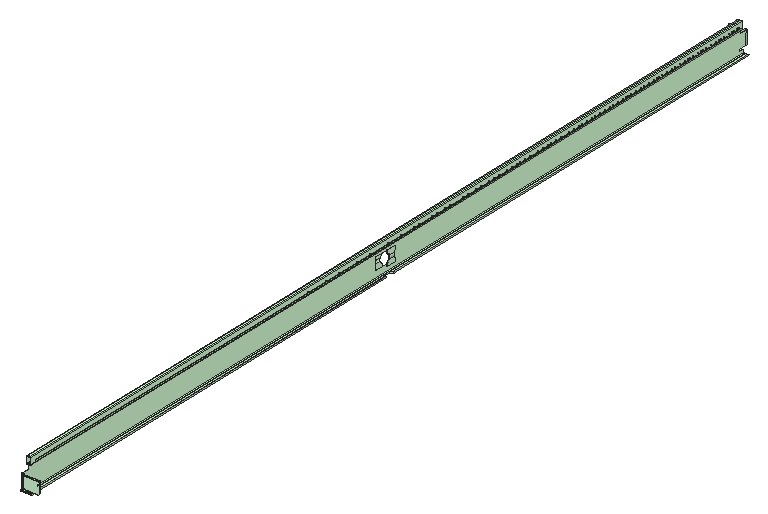
Revit family "eTバー4015メインクロス(600グリッド用)", category 機械設備, Revit 2020
Family settings
  丸型コネクタ寸法 = 直径を使用
  種別 = なし
  パーツ タイプ = 標準
  作業面ベース = いいえ
  常に垂直 = はい
  ロード時にボイドで切り取り = いいえ
  共有 = いいえ
  部屋計算ポイント = いいえ
Parameters
  製造元 = "株式会社桐井製作所"
  既定の高さ = 0 mm
  URL = "https://www.kirii.co.jp/"
  K_長さ(mm) = 1200 mm
  K_材質 = "溶融亜鉛めっき鋼板及び鋼帯SGCC 一般用　カラー鋼板"
  K_品名 = "eTバー4015メインクロス(600グリッド用)"
  K_名称 = "Tバー"
  K_入数 = "40"
  K_バージョン情報 = "20220411"
  K_めっき付着量 = "JIS G 3302 Z12、カラー鋼板　塗装膜厚20μ(白色)"
  K_JIS規格 = "JIS G 3302"
Reference planes
  plane 1 "中心(正面/背面)": y = 0
  plane 2: z = 0
  plane 3 "中心(左/右)": x = 0
  plane 4: y = 1200
Forms (mm)
  Extrusion 1, solid
    sketch origin (0, -1320, 7.1) x (-1, 0, 0) y (0, 0, 1)
      loop
        arc (0.4, 24.899) -> (0.715, 25.363) -> (1.263, 25.242) r 0.5
        arc (1.263, 25.242) -> (1.627, 24.916) -> (2.1, 24.799) r 1.011
        arc (2.1, 24.799) -> (2.736, 25.062) -> (3, 25.699) r 0.9
        line (3, 25.699) -> (3, 33.799)
        arc (3, 33.799) -> (2.473, 34.679) -> (1.448, 34.633) r 1
        line (1.448, 34.633) -> (0, 33.681) -> (-1.448, 34.633)
        arc (-1.448, 34.633) -> (-2.473, 34.679) -> (-3, 33.799) r 1
        line (-3, 33.799) -> (-3, 25.699)
        arc (-3, 25.699) -> (-2.736, 25.062) -> (-2.1, 24.799) r 0.9
        arc (-2.1, 24.799) -> (-1.627, 24.916) -> (-1.263, 25.242) r 1.011
        arc (-1.263, 25.242) -> (-0.715, 25.363) -> (-0.4, 24.899) r 0.5
        line (-0.4, 24.899) -> (-0.4, -5.442)
        arc (-0.4, -5.442) -> (-0.717, -6.207) -> (-1.483, -6.525) r 1.083
        line (-1.483, -6.525) -> (-4, -6.26) -> (-5.807, -6.26) -> (-6.519, -5.891)
        arc (-6.519, -5.891) -> (-7.477, -6.278) -> (-6.85, -7.1) r 0.65
        line (-6.85, -7.1) -> (6.85, -7.1)
        arc (6.85, -7.1) -> (7.477, -6.278) -> (6.519, -5.891) r 0.65
        line (6.519, -5.891) -> (5.807, -6.26) -> (4, -6.26) -> (1.483, -6.525)
        arc (1.483, -6.525) -> (0.717, -6.207) -> (0.4, -5.441) r 1.083
        line (0.4, -5.441) -> (0.4, 24.899)
      loop
        arc (-1.668, 34.298) -> (-2.283, 34.327) -> (-2.6, 33.799) r 0.6
        line (-2.6, 33.799) -> (-2.6, 25.699)
        arc (-2.6, 25.699) -> (-2.302, 25.241) -> (-1.763, 25.329) r 0.5
        line (-1.763, 25.329) -> (-1.063, 25.784)
        arc (-1.063, 25.784) -> (-0.324, 25.59) -> (0, 24.899) r 0.9
        arc (0, 24.899) -> (0.324, 25.59) -> (1.063, 25.784) r 0.9
        line (1.063, 25.784) -> (1.763, 25.329)
        arc (1.763, 25.329) -> (2.302, 25.241) -> (2.6, 25.699) r 0.5
        line (2.6, 25.699) -> (2.6, 33.799)
        arc (2.6, 33.799) -> (2.283, 34.327) -> (1.668, 34.298) r 0.6
        line (1.668, 34.298) -> (0.549, 33.563)
        arc (0.549, 33.563) -> (0, 33.399) -> (-0.549, 33.563) r 1
        line (-0.549, 33.563) -> (-1.668, 34.298)
    from 1320 to 2520
  Extrusion 2, void
    sketch origin (0.4, 300, 31.85) x (0, 0, 1) y (0, 1, 0)
      loop
        line (-5.5, 284.4) -> (-5.5, 315.6) -> (-23.1, 315.6) -> (-23.1, 284.4) -> (-5.5, 284.4)
    from 0 to 0.8
  Extrusion 3, void
    sketch origin (0, 2112.859, 0) x (-1, 0, 0) y (0, -1, 0)
      loop
        line (8.021, 1505.493) -> (8.021, 1520.226) -> (3.318, 1516.682) -> (3.318, 1509.037) -> (8.021, 1505.493)
    from 0 to 8
  Extrusion 4, void
    sketch origin (-0.4, 318.192, 32.162) x (0, 0, 1) y (0, -1, 0)
      loop
        arc (-19.9, -284.4) -> (-14.3, -287.9) -> (-8.7, -284.4) r 6.23
        line (-8.7, -284.4) -> (-19.9, -284.4)
      loop
        arc (-8.7, -297.4) -> (-14.3, -293.9) -> (-19.9, -297.4) r 6.23
        line (-19.9, -297.4) -> (-8.7, -297.4)
    from 1.2 to 3.447
  Extrusion 5, solid
    sketch origin (-0.081, 318.2, -6.51) x (-1, 0, 0) y (0, 0, -1)
      loop
        line (-0.387, -33.66) -> (-0.387, -32.86) -> (-1.476, -32.86) -> (-1.476, -26.291)
        arc (-1.476, -26.291) -> (-2.487, -24.267) -> (-1.487, -22.238) r 2.545
        line (-1.487, -22.238) -> (-1.487, -15.26) -> (-0.387, -15.26) -> (-0.387, -14.46) -> (-2.087, -14.46) -> (-2.088, -21.96)
        arc (-2.088, -21.96) -> (-3.087, -24.26) -> (-2.087, -26.56) r 3.145
        line (-2.087, -26.56) -> (-2.087, -33.66) -> (-0.387, -33.66)
    from -297.4 to -284.4
  Extrusion 6, solid
    sketch origin (0.081, 300, -6.51) x (1, 0, 0) y (0, 0, 1)
      loop
        line (-0.387, 33.66) -> (-2.087, 33.66) -> (-2.087, 26.56)
        arc (-2.087, 26.56) -> (-3.087, 24.26) -> (-2.088, 21.96) r 3.145
        line (-2.088, 21.96) -> (-2.087, 14.46) -> (-0.387, 14.46) -> (-0.387, 15.26) -> (-1.487, 15.26) -> (-1.487, 22.238)
        arc (-1.487, 22.238) -> (-2.487, 24.267) -> (-1.476, 26.291) r 2.545
        line (-1.476, 26.291) -> (-1.476, 32.86) -> (-0.387, 32.86) -> (-0.387, 33.66)
    from -297.4 to -284.4
  Extrusion 7, void
    sketch origin (0.4, 299.992, 32.163) x (0, 0, 1) y (0, 1, 0)
      loop
        line (-19.9, 284.4) -> (-8.7, 284.4)
        arc (-8.7, 284.4) -> (-14.3, 287.9) -> (-19.9, 284.4) r 6.23
      loop
        line (-8.7, 297.4) -> (-19.9, 297.4)
        arc (-19.9, 297.4) -> (-14.3, 293.9) -> (-8.7, 297.4) r 6.23
    from 1.2 to 3.447
  Extrusion 8, void
    sketch origin (0, 2112.859, 0) x (1, 0, 0) y (0, 1, 0)
      loop
        line (8.021, -1505.493) -> (3.318, -1509.037) -> (3.318, -1516.682) -> (8.021, -1520.226) -> (8.021, -1505.493)
    from 0 to 8
  Extrusion 9, void
    sketch origin (0, 0, 0) x (0, 1, 0) y (0, 0, 1)
      loop
        line (5, 41.941) -> (0, 41.941) -> (0, 25.9) -> (5, 25.9) -> (5, 41.941)
    from -3.77 to 3.77
  Extrusion 10, solid
    sketch origin (-0.114, 0, 16.166) x (1, 0, 0) y (0, 1, 0)
      loop
        line (24.214, -7.2) -> (24.214, -6.4) -> (1.714, -6.4)
        arc (1.714, -6.4) -> (0.866, -6.049) -> (0.514, -5.2) r 1.2
        line (0.514, -5.2) -> (0.514, 0) -> (-0.286, 0) -> (-0.286, -5.2)
        arc (-0.286, -5.2) -> (0.3, -6.614) -> (1.714, -7.2) r 2
        line (1.714, -7.2) -> (24.214, -7.2)
    from -8.266 to 9.734
  Extrusion 11, void
    sketch origin (0, 0, -7.234) x (1, 0, 0) y (0, 0, 1)
      loop
        line (2.6, 31.999) -> (23.1, 31.999)
        arc (23.1, 31.999) -> (23.807, 31.706) -> (24.1, 30.999) r 1
        line (24.1, 30.999) -> (24.1, 33.134) -> (2.6, 33.134) -> (2.6, 31.999)
    from 6.4 to 7.2
  Extrusion 12, void
    sketch origin (0, 0, -7.234) x (1, 0, 0) y (0, 0, 1)
      loop
        line (24.1, 26.599) -> (24.1, 28.599) -> (21.1, 28.599) -> (21.1, 26.599) -> (24.1, 26.599)
    from 6.4 to 7.2
  Extrusion 13, void
    sketch origin (0, 0, 0) x (0, 1, 0) y (0, 0, 1)
      loop
        line (6.9, 7.833) -> (0, 7.833) -> (0, 4.833) -> (6.9, 4.833) -> (6.9, 7.833)
    from -0.4 to 0.4
  Extrusion 14, void
    sketch origin (0, 1200, 0) x (0, -1, 0) y (0, 0, -1)
      loop
        line (5, -41.941) -> (5, -25.737) -> (0, -25.737) -> (0, -41.941) -> (5, -41.941)
    from -3.77 to 3.77
  Extrusion 15, void
    sketch origin (0, 1200, 0) x (0, -1, 0) y (0, 0, -1)
      loop
        line (6.9, -7.833) -> (6.9, -4.833) -> (0, -4.833) -> (0, -7.833) -> (6.9, -7.833)
    from -0.4 to 0.4
  Extrusion 16, solid
    sketch origin (0.114, 1200, 16.166) x (-1, 0, 0) y (0, -1, 0)
      loop
        line (24.214, -7.2) -> (24.214, -6.4) -> (1.714, -6.4)
        arc (1.714, -6.4) -> (0.866, -6.049) -> (0.514, -5.2) r 1.2
        line (0.514, -5.2) -> (0.514, 0) -> (-0.286, 0) -> (-0.286, -5.2)
        arc (-0.286, -5.2) -> (0.3, -6.614) -> (1.714, -7.2) r 2
        line (1.714, -7.2) -> (24.214, -7.2)
    from -8.266 to 9.571
  Extrusion 17, void
    sketch origin (0, 1200, -7.234) x (-1, 0, 0) y (0, 0, 1)
      loop
        line (24.1, 26.599) -> (24.1, 28.599) -> (21.1, 28.599) -> (21.1, 26.599) -> (24.1, 26.599)
    from 6.4 to 7.2
  Extrusion 18, void
    sketch origin (0, 1200, -8.099) x (-1, 0, 0) y (0, 0, 1)
      loop
        line (24.1, 15.931) -> (24.1, 17.999)
        arc (24.1, 17.999) -> (23.231, 17.237) -> (22.1, 16.999) r 2.28
        line (22.1, 16.999) -> (2.6, 16.999) -> (2.6, 15.931) -> (24.1, 15.931)
    from 6.4 to 7.2
  Extrusion 19, void
    sketch origin (0, 1213.6, -7.396) x (-1, 0, 0) y (0, 0, -1)
      loop
        line (2.6, -31.999) -> (2.6, -33.134) -> (24.1, -33.134) -> (24.1, -30.999)
        arc (24.1, -30.999) -> (23.807, -31.706) -> (23.1, -31.999) r 1
        line (23.1, -31.999) -> (2.6, -31.999)
    from 6.4 to 7.2
  Extrusion 20, void
    sketch origin (0, -13.6, -8.031) x (1, 0, 0) y (0, 0, -1)
      loop
        line (24.1, -15.931) -> (2.6, -15.931) -> (2.6, -16.999) -> (22.1, -16.999)
        arc (22.1, -16.999) -> (23.231, -17.237) -> (24.1, -17.999) r 2.28
        line (24.1, -17.999) -> (24.1, -15.931)
    from 6.4 to 7.2
Cuts and joins
  Extrusion 2, Extrusion 3, Extrusion 8, Extrusion 9, Extrusion 13, Extrusion 14, Extrusion 15, Extrusion 19, Extrusion 20 cuts Extrusion 1
  Extrusion 11, Extrusion 12, Extrusion 19, Extrusion 20 cuts Extrusion 10
  Extrusion 17, Extrusion 18, Extrusion 19, Extrusion 20 cuts Extrusion 16
  joined: Extrusion 1, Extrusion 10, Extrusion 16
  Extrusion 4 cuts Extrusion 5
  Extrusion 7 cuts Extrusion 6
Dimensions and locks
  plane 4 to plane 1 "中心(正面/背面)" = 1200 mm
  aligned and locked: level to plane 2
  aligned and locked: plane 4 to Extrusion 1
